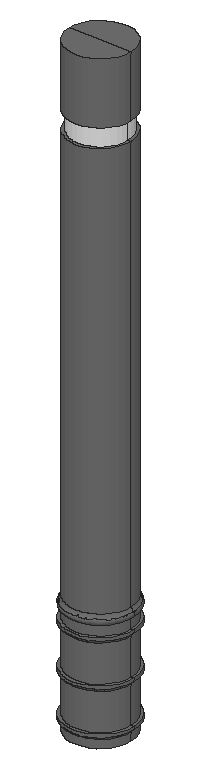
Revit family "Pilona Flexible HFLEX", category Furniture, Revit 2020
Family settings
  OmniClass Number = 23.40.20.00
  OmniClass Title = General Furniture and Specialties
  Work Plane-Based = No
  Always vertical = Yes
  Cut with Voids When Loaded = No
  Shared = No
  Room Calculation Point = No
Parameters (values of type "Pilona Flexible-Hflex-1000mm")
  URL Producto = ""
  Referencia = ""
  Material = none
  H1 = 0.190 m
  H = 1.000 m
  Ficha Tecnica = ""
  Fabricante = ""
  Default Elevation = 0.000 m
  A = 0.100 m
Reference planes (m)
  plane 1 "Center (Front/Back)": y = 0
  plane 2: z = 0
  plane 3 "Center (Left/Right)": x = 0
  plane 4: z = 0.19
Forms (m)
  Revolve 1, solid, material "Rubberised Material"
    sketch origin (0, 0, 0) x (1, 0, 0) y (0, 0, 1)
      loop
        arc (-0.05, 0.19) -> (-0.055, 0.185) -> (-0.05, 0.18) r 0.005
        line (-0.05, 0.18) -> (-0.05, 0.163182) -> (-0.055, 0.163182) -> (-0.055, 0.158182) -> (-0.05, 0.153182) -> (-0.05, 0.093182) -> (-0.055, 0.093182) -> (-0.055, 0.088182) -> (-0.05, 0.083182) -> (-0.05, 0.023182) -> (-0.055, 0.023182) -> (-0.055, 0.018182) -> (-0.05, 0.013182) -> (-0.05, 0) -> (0, 0) -> (0, 0.19) -> (-0.05, 0.19)
      axis (0, 0.19) -> (0, 0)
    angle from 0 to 360
  Revolve 2, solid, material "Rubberised Material"
    sketch origin (0, 0, 0) x (1, 0, 0) y (0, 0, 1)
      loop
        line (-0.05, 1) -> (-0.05, 0.9) -> (0, 0.9) -> (0, 1) -> (-0.05, 1)
      axis (0, 1) -> (0, 0.9)
    angle from 0 to 360
  Revolve 3, solid, material "LED"
    sketch origin (0, 0, 0) x (1, 0, 0) y (0, 0, 1)
      loop
        line (-0.045, 0.9) -> (-0.045, 0.87) -> (0, 0.87) -> (0, 0.9) -> (-0.045, 0.9)
      axis (0, 0.87) -> (0, 0.9)
    angle from 0 to 360
  Revolve 4, solid, material "Rubberised Material"
    sketch origin (0, 0, 0) x (1, 0, 0) y (0, 0, 1)
      loop
        line (0, 0.87) -> (-0.05, 0.87) -> (-0.05, 0.195)
        arc (-0.05, 0.195) -> (-0.051364, 0.191308) -> (-0.053879, 0.188281) r 0.011654
        arc (-0.053879, 0.188281) -> (-0.052066, 0.189424) -> (-0.05, 0.19) r 0.007405
        line (-0.05, 0.19) -> (0, 0.19) -> (0, 0.87)
      axis (0, 0.188281) -> (0, 0.87)
    angle from 0 to 360
Dimensions and locks (m)
  plane 4 to level = 0.190 m
  Revolve 2 to level = 1.000 m
  diameter of Revolve 2 = 0.100 m
  aligned and locked: level to plane 2
